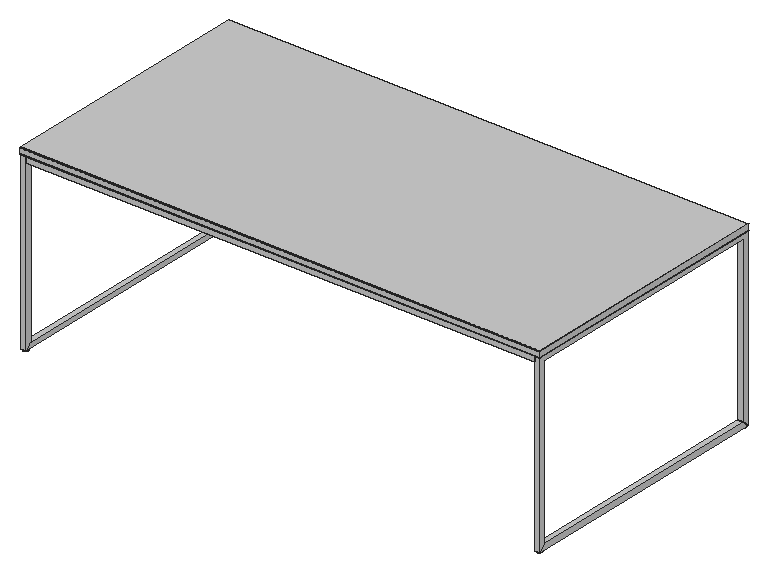
Revit family "Haworth_Cappellini_Fronzoni64_Table_EU_PRELIMINARY", category Furniture, Revit 2018
Family settings
  OmniClass Number = 23.40.70.14.64.21
  OmniClass Title = Systems Furniture
  Work Plane-Based = No
  Always vertical = Yes
  Cut with Voids When Loaded = No
  Shared = No
  Room Calculation Point = No
Parameters (values of type "High Rectangle")
  Warranty = "http://www.haworth.com/resources/product-info/warranties"
  URL - Product = "https://www.haworth.com/eu/en/products/executive-desks/fronzoni-64.html"
  Table Finish [instance] = Haworth _ Paint _ Undecided _ Table
  Leg Thickness = 2 cm  # constant formula
  Model = "FR_2X"  # constant formula
  URL = "https://www.haworth.com/eu/en.html"
  Size = "Verify Final Dim. w/ Haworth"  # constant formula
  Revision Number = "4"  # constant formula
  Manufacturer = "Haworth"  # constant formula
  Low Square = no
  High Rectangle = yes
  High Square = not(or(Low Square, High Rectangle))  # no
  Glide Offset = 1 cm  # constant formula
  Glide Height = 0.3 cm  # constant formula
  Description = "Haworth - Cappellini - Fronzoni 64 - Table"  # constant formula
  Chamfer = 0.15 cm  # constant formula
  Author = "Haworth (Hampton, Abd Rahman)"  # constant formula
  Assembly Code = "E2020200"
  Actual Width = if(High Rectangle, 200 cm, 100 cm)  # 200 cm
  Actual Height = if(Low Square, 30 cm, 70 cm)  # 70 cm
  Table Top Thickness = 2.55 cm  # constant formula
  Actual Depth = 100 cm  # constant formula
Types (4, lengths in cm): name | Low Square | High Rectangle | High Square | Actual Width | Actual Height
  (no name) | no | yes | no | 200 | 70
  High Rectangle | no | yes | no | 200 | 70
  High Square | no | no | yes | 100 | 70
  Low Square | yes | no | no | 100 | 30
Reference planes (cm)
  plane 1 "Center F/B": y = -0.403
  plane 2 "Floor": z = 0
  plane 3 "Center L/R": x = 0
  plane 4 "Table Edge Left": x = -99.9787
  plane 5 "Table Edge Right": x = 100.0213
  plane 6 "Table Edge Back": y = -50.2592
  plane 7 "Table Edge Front": y = 49.7408
  plane 8 "Table Top Top": z = 70
  plane 9 "Left Support Location": x = -97.9787
  plane 10 "Back Support Location": y = 47.7408
  plane 11 "Front Support Location": y = -48.2592
  plane 12 "Right Support Location": x = 98.0213
  plane 13 "Table Top Bottom": z = 67.45
  plane 14 "Glide Top": z = 0.3
  plane 15 "Frame Top Bottom": z = 65.45
  plane 16 "Frame Bottom Top": z = 2.3
  plane 17 "Glide Left": x = -98.9787
  plane 18 "Glide Right": x = 99.0213
  plane 19 "Glide Back": y = 48.7408
  plane 20 "Glide Front": y = -49.2592
  plane 21 "Chamfer Top": z = 69.85
  plane 22 "Chamfer Bottom": z = 67.6
  plane 23 "Chamfer Left": x = -100.1287
  plane 24 "Chamfer Right": x = 100.1713
  plane 25 "Chamfer Front": y = -50.4092
  plane 26 "Chamfer Back": y = 49.8908
Forms (cm)
  Extrusion 1, solid, material "Haworth _ Paint _ Undecided _ Table" <- "Table Finish"
    sketch origin (0, 0, 0) x (1, 0, 0) y (0, 1, 0)
      loop
        line (-100.1288, 49.8908) -> (-100.1288, -50.4092) -> (100.1713, -50.4092) -> (100.1713, 49.8908) -> (-100.1288, 49.8908)
    from 69.85 to 67.6
  Extrusion 2, solid, material "Haworth _ Paint _ Undecided _ Table" <- "Table Finish"
    sketch origin (98.0212, 0, 0) x (0, 1, 0) y (0, 0, 1)
      loop
        line (-48.2592, 2.3) -> (-48.2592, 65.45) -> (47.7408, 65.45) -> (47.7408, 2.3) -> (49.7408, 0.3) -> (49.7408, 67.45) -> (-50.2592, 67.45) -> (-50.2592, 0.3) -> (-48.2592, 2.3)
    from -198 to -196
  Extrusion 3, solid, material "Haworth _ Paint _ Undecided _ Table" <- "Table Finish"
    sketch origin (98.0212, 0, 0) x (0, 1, 0) y (0, 0, 1)
      loop
        line (-48.2592, 2.3) -> (-50.2592, 0.3) -> (49.7408, 0.3) -> (47.7408, 2.3) -> (-48.2592, 2.3)
    from -198 to -196
  Extrusion 4, solid, material "Haworth _ Paint _ Undecided _ Table" <- "Table Finish"
    sketch origin (-97.9488, 0, 0) x (0, 1, 0) y (0, 0, -1)
      loop
        line (-48.2592, -2.3) -> (-50.2592, -0.3) -> (-50.2592, -67.45) -> (49.7408, -67.45) -> (49.7408, -0.3) -> (47.7408, -2.3) -> (47.7408, -65.45) -> (-48.2592, -65.45) -> (-48.2592, -2.3)
    from -197.97 to -195.97
  Extrusion 5, solid, material "Haworth _ Paint _ Undecided _ Table" <- "Table Finish"
    sketch origin (-97.9488, 0, 0) x (0, 1, 0) y (0, 0, -1)
      loop
        line (-48.2592, -2.3) -> (47.7408, -2.3) -> (49.7408, -0.3) -> (-50.2592, -0.3) -> (-48.2592, -2.3)
    from -197.97 to -195.97
  Blend 6, solid, material "Haworth _ Paint _ Undecided _ Table" <- "Table Finish"
    base sketch origin (0, 0, 0) x (1, 0, 0) y (0, 1, 0)
      loop
        line (-100.1287, 49.8908) -> (-100.1287, -50.4092) -> (100.1713, -50.4092) -> (100.1713, 49.8908) -> (-100.1287, 49.8908)
    top sketch origin (0, 0, 0) x (1, 0, 0) y (0, 1, 0)
      loop
        line (-99.9787, 49.7408) -> (-99.9787, -50.2592) -> (100.0213, -50.2592) -> (100.0213, 49.7408) -> (-99.9787, 49.7408)
    from 69.85 to 70
  Blend 7, solid, material "Haworth _ Paint _ Undecided _ Table" <- "Table Finish"
    base sketch origin (0, 0, 0) x (1, 0, 0) y (0, 1, 0)
      loop
        line (-99.9787, 49.7408) -> (-99.9787, -50.2592) -> (100.0213, -50.2592) -> (100.0213, 49.7408) -> (-99.9787, 49.7408)
    top sketch origin (0, 0, 0) x (1, 0, 0) y (0, 1, 0)
      loop
        line (-100.1287, 49.8908) -> (-100.1287, -50.4092) -> (100.1713, -50.4092) -> (100.1713, 49.8908) -> (-100.1287, 49.8908)
    from 67.45 to 67.6
  Extrusion 8, solid, material "Haworth _ Paint _ Undecided _ Table" <- "Table Finish"
    sketch origin (0, 0, 0) x (0, 1, 0) y (0, 0, 1)
      loop
        line (-50.2592, 67.45) -> (-50.2592, 65.45) -> (-48.2592, 65.45) -> (-48.2592, 67.45) -> (-50.2592, 67.45)
      loop
        line (47.7408, 67.45) -> (47.7408, 65.45) -> (49.7408, 65.45) -> (49.7408, 67.45) -> (47.7408, 67.45)
    from -97.9787 to 98.0213
  Extrusion 9, solid, material "Haworth _ Paint _ Undecided _ Table" <- "Table Finish"
    sketch origin (0, 0, 0) x (1, 0, 0) y (0, 1, 0)
      loop
        circle (-98.9788, -49.2592) r 0.9525
    from 0 to 0.3
  Extrusion 10, solid, material "Haworth _ Paint _ Undecided _ Table" <- "Table Finish"
    sketch origin (0, 0, 0) x (1, 0, 0) y (0, 1, 0)
      loop
        circle (-98.9788, 48.7408) r 0.9525
    from 0 to 0.3
  Extrusion 11, solid, material "Haworth _ Paint _ Undecided _ Table" <- "Table Finish"
    sketch origin (0, 0, 0) x (1, 0, 0) y (0, 1, 0)
      loop
        circle (99.0213, 48.7408) r 0.9525
    from 0 to 0.3
  Extrusion 12, solid, material "Haworth _ Paint _ Undecided _ Table" <- "Table Finish"
    sketch origin (0, 0, 0) x (1, 0, 0) y (0, 1, 0)
      loop
        circle (99.0213, -49.2592) r 0.9525
    from 0 to 0.3
Lines and regions (cm)
  Masking region 1
    outline origin (0, 0, 68.58) x (0, -1, 0) y (1, 0, 0)
      loop
        line (-49.7408, -99.9788) -> (50.2592, -99.9788) -> (50.2592, 100.0212) -> (-49.7408, 100.0212) -> (-49.7408, -99.9788)
  symbolic lines, detail levels fine
    curve 1: line (98.0212, 47.7408, 72.9059) -> (-97.9788, 47.7408, 72.9059)
    curve 2: line (-97.9788, 49.7408, 72.9059) -> (-97.9788, -50.2592, 72.9059)
    curve 3: line (-97.9788, -48.2592, 72.9059) -> (98.0212, -48.2592, 72.9059)
    curve 4: line (98.0212, -50.2592, 72.9059) -> (98.0212, 49.7408, 72.9059)
Dimensions and locks (cm)
  "Actual Depth": plane 7 "Table Edge Front" to plane 6 "Table Edge Back"
  "Actual Width": plane 4 "Table Edge Left" to plane 5 "Table Edge Right"
  plane 4 "Table Edge Left" to plane 3 "Center L/R" to plane 5 "Table Edge Right" = 99.9787 cm, 100.0213 cm
  plane 7 "Table Edge Front" to plane 1 "Center F/B" to plane 6 "Table Edge Back" = 50.1437 cm, 49.8563 cm
  "Actual Height": plane 8 "Table Top Top" to level
  "Leg Thickness": plane 4 "Table Edge Left" to plane 9 "Left Support Location"
  "Leg Thickness": plane 12 "Right Support Location" to plane 5 "Table Edge Right"
  "Leg Thickness": plane 11 "Front Support Location" to plane 6 "Table Edge Back"
  "Table Top Thickness": plane 8 "Table Top Top" to plane 13 "Table Top Bottom"
  "Glide Height": plane 14 "Glide Top" to plane 2 "Floor"
  "Leg Thickness": plane 16 "Frame Bottom Top" to plane 14 "Glide Top"
  "Leg Thickness": plane 13 "Table Top Bottom" to plane 15 "Frame Top Bottom"
  "Leg Thickness": plane 7 "Table Edge Front" to plane 10 "Back Support Location"
  "Glide Offset": plane 20 "Glide Front" to plane 6 "Table Edge Back"
  "Glide Offset": plane 7 "Table Edge Front" to plane 19 "Glide Back"
  "Glide Offset": plane 4 "Table Edge Left" to plane 17 "Glide Left"
  "Glide Offset": plane 18 "Glide Right" to plane 5 "Table Edge Right"
  "Chamfer": plane 22 "Chamfer Bottom" to plane 13 "Table Top Bottom"
  "Chamfer": plane 8 "Table Top Top" to plane 21 "Chamfer Top"
  "Chamfer": plane 5 "Table Edge Right" to plane 24 "Chamfer Right"
  "Chamfer": plane 23 "Chamfer Left" to plane 4 "Table Edge Left"
  "Chamfer": plane 26 "Chamfer Back" to plane 7 "Table Edge Front"
  "Chamfer": plane 6 "Table Edge Back" to plane 25 "Chamfer Front"
  aligned: Extrusion 1 to plane 8 "Table Top Top"
  aligned and locked: plane 4 "Table Edge Left" to Masking region 1 sketch curve
  aligned and locked: Masking region 1 sketch curve to plane 7 "Table Edge Front"
  aligned and locked: plane 7 "Table Edge Front" to curve 2
  aligned and locked: plane 9 "Left Support Location" to curve 1
  aligned and locked: plane 9 "Left Support Location" to curve 3
  aligned and locked: plane 6 "Table Edge Back" to curve 2
  aligned and locked: plane 12 "Right Support Location" to curve 3
  aligned and locked: plane 6 "Table Edge Back" to curve 4
  aligned and locked: plane 7 "Table Edge Front" to curve 4
  aligned and locked: plane 12 "Right Support Location" to curve 1
  aligned and locked: plane 13 "Table Top Bottom" to Extrusion 2 sketch curve
  aligned and locked: Extrusion 2 sketch curve to plane 6 "Table Edge Back"
  aligned and locked: plane 11 "Front Support Location" to Extrusion 2 sketch curve
  aligned and locked: Extrusion 2 sketch curve to plane 15 "Frame Top Bottom"
  aligned and locked: Extrusion 2 sketch curve to plane 10 "Back Support Location"
  aligned and locked: plane 7 "Table Edge Front" to Extrusion 2 sketch curve
  aligned and locked: Extrusion 2 to plane 4 "Table Edge Left"
  aligned and locked: plane 9 "Left Support Location" to Extrusion 2
  aligned and locked: plane 14 "Glide Top" to Extrusion 2 sketch curve  (x2)
  aligned and locked: Extrusion 3 sketch curve to plane 14 "Glide Top"
  aligned and locked: Extrusion 3 to plane 4 "Table Edge Left"
  aligned and locked: plane 9 "Left Support Location" to Extrusion 3
  aligned and locked: Extrusion 4 to plane 12 "Right Support Location"
  aligned and locked: Extrusion 5 to plane 12 "Right Support Location"
  aligned and locked: plane 5 "Table Edge Right" to Extrusion 4
  aligned and locked: plane 5 "Table Edge Right" to Extrusion 5
  aligned and locked: plane 6 "Table Edge Back" to Extrusion 5 sketch curve
  aligned and locked: plane 14 "Glide Top" to Extrusion 5 sketch curve  (x2)
  aligned and locked: plane 16 "Frame Bottom Top" to Extrusion 5 sketch curve  (x2)
  aligned and locked: plane 11 "Front Support Location" to Extrusion 5 sketch curve
  aligned and locked: plane 10 "Back Support Location" to Extrusion 5 sketch curve
  aligned and locked: plane 7 "Table Edge Front" to Extrusion 5 sketch curve
  aligned and locked: plane 14 "Glide Top" to Extrusion 3 sketch curve
  aligned and locked: plane 7 "Table Edge Front" to Extrusion 3 sketch curve
  aligned and locked: plane 16 "Frame Bottom Top" to Extrusion 3 sketch curve  (x2)
  aligned and locked: plane 10 "Back Support Location" to Extrusion 3 sketch curve
  aligned and locked: plane 11 "Front Support Location" to Extrusion 3 sketch curve
  aligned and locked: plane 6 "Table Edge Back" to Extrusion 3 sketch curve
  aligned and locked: plane 6 "Table Edge Back" to Extrusion 4 sketch curve
  aligned and locked: plane 13 "Table Top Bottom" to Extrusion 4 sketch curve
  aligned and locked: Extrusion 4 sketch curve to plane 15 "Frame Top Bottom"
  aligned and locked: plane 11 "Front Support Location" to Extrusion 4 sketch curve
  aligned and locked: Extrusion 4 sketch curve to plane 10 "Back Support Location"
  aligned and locked: plane 7 "Table Edge Front" to Extrusion 4 sketch curve
  aligned and locked: plane 22 "Chamfer Bottom" to Extrusion 1
  aligned and locked: Extrusion 1 to plane 21 "Chamfer Top"
  aligned and locked: Extrusion 1 to plane 24 "Chamfer Right"
  aligned and locked: Extrusion 1 to plane 25 "Chamfer Front"
  aligned and locked: Extrusion 1 to plane 23 "Chamfer Left"
  aligned and locked: Extrusion 1 to plane 26 "Chamfer Back"
  aligned and locked: plane 23 "Chamfer Left" to Blend 6 sketch curve
  aligned and locked: plane 25 "Chamfer Front" to Blend 6 sketch curve
  aligned and locked: plane 24 "Chamfer Right" to Blend 6 sketch curve
  aligned and locked: plane 26 "Chamfer Back" to Blend 6 sketch curve
  aligned and locked: Blend 6 sketch curve to plane 5 "Table Edge Right"
  aligned and locked: plane 6 "Table Edge Back" to Blend 6 sketch curve
  aligned and locked: plane 4 "Table Edge Left" to Blend 6 sketch curve
  aligned and locked: Blend 6 sketch curve to plane 7 "Table Edge Front"
  aligned and locked: Blend 6 to plane 8 "Table Top Top"
  aligned and locked: plane 21 "Chamfer Top" to Blend 6
  aligned and locked: Blend 7 sketch curve to plane 5 "Table Edge Right"
  aligned and locked: plane 6 "Table Edge Back" to Blend 7 sketch curve
  aligned and locked: plane 4 "Table Edge Left" to Blend 7 sketch curve
  aligned and locked: Blend 7 sketch curve to plane 7 "Table Edge Front"
  aligned and locked: plane 25 "Chamfer Front" to Blend 7 sketch curve
  aligned and locked: plane 24 "Chamfer Right" to Blend 7 sketch curve
  aligned and locked: plane 23 "Chamfer Left" to Blend 7 sketch curve
  aligned and locked: plane 26 "Chamfer Back" to Blend 7 sketch curve
  aligned and locked: Blend 7 to plane 22 "Chamfer Bottom"
  aligned and locked: Blend 7 to plane 13 "Table Top Bottom"
  aligned and locked: Extrusion 8 sketch curve to plane 7 "Table Edge Front"
  aligned and locked: plane 10 "Back Support Location" to Extrusion 8 sketch curve
  aligned and locked: Extrusion 8 sketch curve to plane 13 "Table Top Bottom"  (x2)
  aligned and locked: plane 15 "Frame Top Bottom" to Extrusion 8 sketch curve  (x2)
  aligned and locked: Extrusion 8 sketch curve to plane 11 "Front Support Location"
  aligned and locked: plane 6 "Table Edge Back" to Extrusion 8 sketch curve
  aligned and locked: Extrusion 8 to plane 9 "Left Support Location"
  aligned and locked: plane 12 "Right Support Location" to Extrusion 8
  aligned and locked: Extrusion 9 to level
  aligned and locked: plane 14 "Glide Top" to Extrusion 9
  aligned and locked: plane 14 "Glide Top" to Extrusion 10
  aligned and locked: Extrusion 10 to plane 2 "Floor"
  aligned and locked: Extrusion 11 to plane 2 "Floor"
  aligned and locked: plane 14 "Glide Top" to Extrusion 11
  aligned and locked: Extrusion 12 to plane 2 "Floor"
  aligned and locked: plane 14 "Glide Top" to Extrusion 12
Automatic sketch dimensions
  Extrusion 1 sketch curve to plane 23 "Chamfer Left" = 0 cm
  Extrusion 1 sketch curve to plane 24 "Chamfer Right" = 0 cm
  Extrusion 1 sketch curve to plane 25 "Chamfer Front" = 0 cm
  plane 26 "Chamfer Back" to Extrusion 1 sketch curve = 0 cm
  Masking region 1 sketch curve to plane 6 "Table Edge Back" = 0 cm
  Masking region 1 sketch curve to plane 5 "Table Edge Right" = 0 cm
  curve 1 to plane 10 "Back Support Location" = 0 cm
  curve 3 to plane 11 "Front Support Location" = 0 cm
  Extrusion 2 sketch curve to plane 16 "Frame Bottom Top" = 0 cm  (x2)
  Extrusion 4 sketch curve to plane 16 "Frame Bottom Top" = 0 cm  (x2)
  Extrusion 4 sketch curve to plane 14 "Glide Top" = 0 cm  (x2)
  Extrusion 9 sketch curve to plane 17 "Glide Left" = 0 cm
  plane 20 "Glide Front" to Extrusion 9 sketch curve = 0 cm
  Extrusion 10 sketch curve to plane 17 "Glide Left" = 0 cm
  Extrusion 10 sketch curve to plane 19 "Glide Back" = 0 cm
  Extrusion 11 sketch curve to plane 18 "Glide Right" = 0 cm
  Extrusion 11 sketch curve to plane 19 "Glide Back" = 0 cm
  Extrusion 12 sketch curve to plane 18 "Glide Right" = 0 cm
  plane 20 "Glide Front" to Extrusion 12 sketch curve = 0 cm
  radius of Extrusion 9 sketch curve = 0.9525 cm
  radius of Extrusion 10 sketch curve = 0.9525 cm
  radius of Extrusion 11 sketch curve = 0.9525 cm
  radius of Extrusion 12 sketch curve = 0.9525 cm
